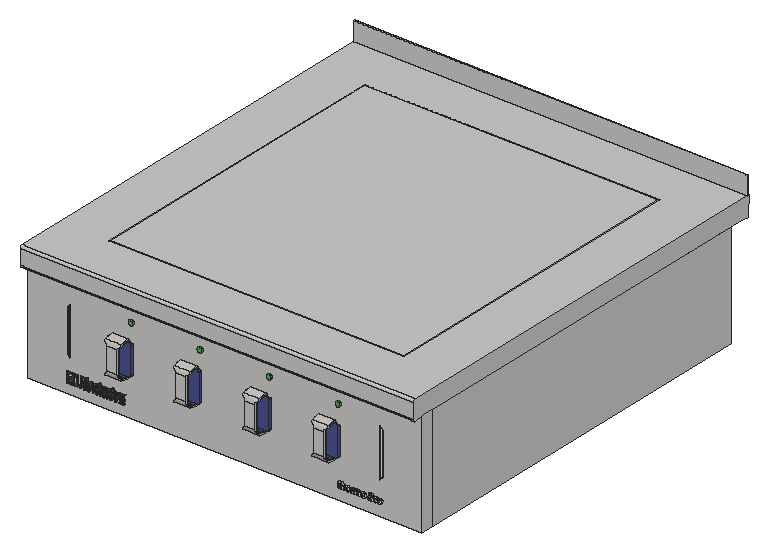
Revit family "QF_ELECTROLUXPROFESSIONAL_588506_MBCDBBHOAO", category Attrezzature speciali, Revit 2020
Family settings
  Quota connettore circolare = Usa diametro
  Tipo di parte = Normale
  Basato su piano di lavoro = No
  Sempre verticale = Sì
  Taglio con vuoti quando caricato = No
  Condiviso = No
  Punto di calcolo locali = No
Parameters (values of type "Standard")
  Weight = 40.00 kg
  Watts = 16000 W
  Volts = 400 V
  URL Manufacturer = "https://www.electroluxprofessional.com/"
  URL = "https://www.electroluxprofessional.com/"
  Steam Supply Size = 0"
  Steam Supply Minimum Pressure = 0.00 psi
  Steam Supply Maximum Pressure = 0.00 psi
  Steam Consumption per Hour = 0
  Refrigeration Suction Line Size = 0 mm
  Refrigeration Liquid Line Size = 0 mm
  Refrigerant Compressor Remote = yes
  Prospetto di default = 0 mm
  Phase = 3
  Modello = "MBCDBBHOAO"
  Produttore = "Electrolux Professional"
  Length Actual = 800 mm  # constant formula
  Item Number = "588506"
  Hot Water Size = 0"
  Height Actual = 250 mm  # constant formula
  HP = "21.5 HP"
  Gas Size = 0"
  Gas KW = 0
  Gas Input Pressure = 0.0 Btu/h
  Direct Waste Size = 0"
  Descrizione = "INFRARED TOP,4 ZONE,1S,BSPL,800X850X250H"
  Depth Actual = 850 mm  # constant formula
  Cycle = 50 Hz
  Condensate Return Size = 0"
  Compressed Air Volume = 0 GPM
  Compressed Air Size = 0"
  Compressed Air Pressure = 0.00 psi
  Cold Water Size = 0"
  Accessory = yes
Reference planes
  plane 1 "BACK": y = 0
  plane 2: z = 0
  plane 3 "LEFT": x = 0
  plane 4 "RIGHT": x = 800
  plane 5 "FRONT": y = -850
  plane 6 "TOP": z = 900
  plane 7 "Center (Left/Right)": x = 400
  plane 8: y = -425
  plane 9: y = -150
  plane 10: x = 100
  plane 11: x = 700
  plane 12: y = -100
  plane 13: y = -750
  plane 14 "EIx": x = 755
  plane 15 "EIy": y = -635
  plane 16: z = 938
  plane 17 "BaseTop": z = 650
  plane 18: y = -805
Forms (mm)
  Extrusion 1, solid, material "QF_Finishes_Stainless Steel"
    sketch origin (-178.969, -4572, 100) x (-1, 0, 0) y (0, -1, 0)
      loop
        line (-178.969, -4527) -> (-178.969, -3767) -> (-978.969, -3767) -> (-978.969, -4527) -> (-178.969, -4527)
    from 550 to 762.969
  Extrusion 2, solid, material "QF_Finishes_Stainless Steel"
    sketch origin (0, 0, 650) x (-1, 0, 0) y (0, -1, 0)
      loop
        circle (-755, 635) r 6.35
    from 0 to -11.851
  Extrusion 3, solid, material "QF_Finishes_Stainless Steel"
    sketch origin (400, 296.4, 1219.2) x (0, 1, 0) y (0, 0, 1)
      loop
        line (-296.4, -319.2) -> (-1141.4, -319.2)
        arc (-1141.4, -319.2) -> (-1144.935, -320.664) -> (-1146.4, -324.2) r 5
        line (-1146.4, -324.2) -> (-1146.4, -355.2)
        arc (-1146.4, -355.2) -> (-1144.971, -358.264) -> (-1141.705, -359.139) r 4
        line (-1141.705, -359.139) -> (-1126.4, -356.231) -> (-316.4, -356.231) -> (-301.094, -359.139)
        arc (-301.094, -359.139) -> (-297.829, -358.264) -> (-296.4, -355.2) r 4
        line (-296.4, -355.2) -> (-296.4, -319.2)
    from -400 to 400
  Extrusion 4, solid, material "QF_Finishes_Stainless Steel"
    sketch origin (0, 0, 900) x (-1, 0, 0) y (0, -1, 0)
      loop
        line (-102, 102) -> (-102, 748) -> (-698, 748) -> (-698, 102) -> (-102, 102)
    from 0 to -20
  Extrusion 5, void
    sketch origin (0, 0, 900) x (-1, 0, 0) y (0, -1, 0)
      loop
        line (-100, 750) -> (-700, 750) -> (-700, 100) -> (-100, 100) -> (-100, 750)
    from 0 to -25
  Extrusion 6, solid, material "QF_Finishes_Stainless Steel"
    sketch origin (400, 296.4, 1219.2) x (0, 1, 0) y (0, 0, 1)
      loop
        line (-296.4, -319.2) -> (-296.4, -281.2) -> (-298.4, -281.2) -> (-298.4, -319.2) -> (-296.4, -319.2)
    from 400 to -400
Cuts and joins
  Extrusion 5 cuts Extrusion 3
Lines and regions (mm)
  symbolic lines
    curve 1: line (0, 0, 100) -> (800, 0, 100)
    curve 2: line (0, -850, 100) -> (0, 0, 100)
    curve 3: line (800, -850, 100) -> (0, -850, 100)
    curve 4: line (800, 0, 100) -> (800, -850, 100)
    curve 5: line (100, -750, 0) -> (700, -750, 0)
    curve 6: line (700, -750, 0) -> (700, -100, 0)
    curve 7: line (700, -100, 0) -> (100, -100, 0)
    curve 8: line (100, -100, 0) -> (100, -750, 0)
    curve 9: line (0, -2, 0) -> (800, -2, 0)
  model lines
    curve 10: line (99.879, -133.089, 900) -> (121.092, -111.876, 900)
    curve 11: line (121.092, -111.876, 900) -> (678.908, -111.876, 900)
    curve 12: line (131.557, -136.465, 900) -> (112.022, -156, 900)
    curve 13: line (112.022, -156, 900) -> (112.022, -391, 900)
    curve 14: line (112.022, -391, 900) -> (131.394, -410.372, 900)
    curve 15: line (140.69, -354.325, 900) -> (168.974, -382.61, 900)
    curve 16: line (141.385, -328.405, 900) -> (195.888, -382.908, 900)
    curve 17: line (140.69, -300.864, 900) -> (222.007, -382.181, 900)
    curve 18: line (141.358, -274.411, 900) -> (250, -383.053, 900)
    curve 19: line (141.358, -274.411, 900) -> (250, -165.769, 900)
    curve 20: line (250, -354.189, 900) -> (168.683, -272.871, 900)
    curve 21: line (168.683, -272.871, 900) -> (250, -191.554, 900)
    curve 22: line (250, -328.795, 900) -> (195.497, -274.292, 900)
    curve 23: line (195.497, -274.292, 900) -> (250, -219.789, 900)
    curve 24: line (250, -301.584, 900) -> (221.716, -273.3, 900)
    curve 25: line (221.716, -273.3, 900) -> (250, -245.016, 900)
    curve 26: line (140.69, -194.259, 900) -> (168.974, -165.975, 900)
    curve 27: line (141.385, -220.18, 900) -> (195.888, -165.677, 900)
    curve 28: line (140.69, -247.72, 900) -> (222.007, -166.403, 900)
    curve 29: line (359.31, -354.325, 900) -> (331.026, -382.61, 900)
    curve 30: line (358.615, -328.405, 900) -> (304.112, -382.908, 900)
    curve 31: line (359.31, -300.864, 900) -> (277.993, -382.181, 900)
    curve 32: line (358.642, -274.411, 900) -> (250, -383.053, 900)
    curve 33: line (358.642, -274.411, 900) -> (250, -165.769, 900)
    curve 34: line (250, -354.189, 900) -> (331.317, -272.871, 900)
    curve 35: line (331.317, -272.871, 900) -> (250, -191.554, 900)
    curve 36: line (250, -328.795, 900) -> (304.503, -274.292, 900)
    curve 37: line (304.503, -274.292, 900) -> (250, -219.789, 900)
    curve 38: line (250, -301.584, 900) -> (278.284, -273.3, 900)
    curve 39: line (278.284, -273.3, 900) -> (250, -245.016, 900)
    curve 40: line (359.31, -194.259, 900) -> (331.026, -165.975, 900)
    curve 41: line (358.615, -220.18, 900) -> (304.112, -165.677, 900)
    curve 42: line (359.31, -247.72, 900) -> (277.993, -166.403, 900)
    curve 43: line (368.443, -136.465, 900) -> (387.978, -156, 900)
    curve 44: line (387.978, -156, 900) -> (387.978, -391, 900)
    curve 45: line (387.978, -391, 900) -> (368.606, -410.372, 900)
    curve 46: line (99.879, -716.911, 900) -> (121.092, -738.124, 900)
    curve 47: line (121.092, -738.124, 900) -> (678.908, -738.124, 900)
    curve 48: line (131.557, -713.535, 900) -> (112.022, -694, 900)
    curve 49: line (112.022, -694, 900) -> (112.022, -459, 900)
    curve 50: line (112.022, -459, 900) -> (131.394, -439.628, 900)
    curve 51: line (140.69, -495.675, 900) -> (168.974, -467.39, 900)
    curve 52: line (141.385, -521.595, 900) -> (195.888, -467.092, 900)
    curve 53: line (140.69, -549.136, 900) -> (222.007, -467.819, 900)
    curve 54: line (141.358, -575.589, 900) -> (250, -466.947, 900)
    curve 55: line (141.358, -575.589, 900) -> (250, -684.231, 900)
    curve 56: line (250, -495.811, 900) -> (168.683, -577.129, 900)
    curve 57: line (168.683, -577.129, 900) -> (250, -658.446, 900)
    curve 58: line (250, -521.205, 900) -> (195.497, -575.708, 900)
    curve 59: line (195.497, -575.708, 900) -> (250, -630.211, 900)
    curve 60: line (250, -548.416, 900) -> (221.716, -576.7, 900)
    curve 61: line (221.716, -576.7, 900) -> (250, -604.984, 900)
    curve 62: line (140.69, -655.741, 900) -> (168.974, -684.025, 900)
    curve 63: line (141.385, -629.82, 900) -> (195.888, -684.323, 900)
    curve 64: line (140.69, -602.28, 900) -> (222.007, -683.597, 900)
    curve 65: line (359.31, -495.675, 900) -> (331.026, -467.39, 900)
    curve 66: line (358.615, -521.595, 900) -> (304.112, -467.092, 900)
    curve 67: line (359.31, -549.136, 900) -> (277.993, -467.819, 900)
    curve 68: line (358.642, -575.589, 900) -> (250, -466.947, 900)
    curve 69: line (358.642, -575.589, 900) -> (250, -684.231, 900)
    curve 70: line (250, -495.811, 900) -> (331.317, -577.129, 900)
    curve 71: line (331.317, -577.129, 900) -> (250, -658.446, 900)
    curve 72: line (250, -521.205, 900) -> (304.503, -575.708, 900)
    curve 73: line (304.503, -575.708, 900) -> (250, -630.211, 900)
    curve 74: line (250, -548.416, 900) -> (278.284, -576.7, 900)
    curve 75: line (278.284, -576.7, 900) -> (250, -604.984, 900)
    curve 76: line (359.31, -655.741, 900) -> (331.026, -684.025, 900)
    curve 77: line (358.615, -629.82, 900) -> (304.112, -684.323, 900)
    curve 78: line (359.31, -602.28, 900) -> (277.993, -683.597, 900)
    curve 79: line (368.443, -713.535, 900) -> (387.978, -694, 900)
    curve 80: line (387.978, -694, 900) -> (387.978, -459, 900)
    curve 81: line (387.978, -459, 900) -> (368.606, -439.628, 900)
    curve 82: line (668.443, -136.465, 900) -> (687.978, -156, 900)
    curve 83: line (687.978, -156, 900) -> (687.978, -391, 900)
    curve 84: line (687.978, -391, 900) -> (668.606, -410.372, 900)
    curve 85: line (659.31, -354.325, 900) -> (631.026, -382.61, 900)
    curve 86: line (658.615, -328.405, 900) -> (604.112, -382.908, 900)
    curve 87: line (659.31, -300.864, 900) -> (577.993, -382.181, 900)
    curve 88: line (658.642, -274.411, 900) -> (550, -383.053, 900)
    curve 89: line (658.642, -274.411, 900) -> (550, -165.769, 900)
    curve 90: line (550, -354.189, 900) -> (631.317, -272.871, 900)
    curve 91: line (631.317, -272.871, 900) -> (550, -191.554, 900)
    curve 92: line (550, -328.795, 900) -> (604.503, -274.292, 900)
    curve 93: line (604.503, -274.292, 900) -> (550, -219.789, 900)
    curve 94: line (550, -301.584, 900) -> (578.284, -273.3, 900)
    curve 95: line (578.284, -273.3, 900) -> (550, -245.016, 900)
    curve 96: line (659.31, -194.259, 900) -> (631.026, -165.975, 900)
    curve 97: line (658.615, -220.18, 900) -> (604.112, -165.677, 900)
    curve 98: line (659.31, -247.72, 900) -> (577.993, -166.403, 900)
    curve 99: line (440.69, -354.325, 900) -> (468.974, -382.61, 900)
    curve 100: line (441.385, -328.405, 900) -> (495.888, -382.908, 900)
    curve 101: line (440.69, -300.864, 900) -> (522.007, -382.181, 900)
    curve 102: line (441.358, -274.411, 900) -> (550, -383.053, 900)
    curve 103: line (441.358, -274.411, 900) -> (550, -165.769, 900)
    curve 104: line (550, -354.189, 900) -> (468.683, -272.871, 900)
    curve 105: line (468.683, -272.871, 900) -> (550, -191.554, 900)
    curve 106: line (550, -328.795, 900) -> (495.497, -274.292, 900)
    curve 107: line (495.497, -274.292, 900) -> (550, -219.789, 900)
    curve 108: line (550, -301.584, 900) -> (521.716, -273.3, 900)
    curve 109: line (521.716, -273.3, 900) -> (550, -245.016, 900)
    curve 110: line (440.69, -194.259, 900) -> (468.974, -165.975, 900)
    curve 111: line (441.385, -220.18, 900) -> (495.888, -165.677, 900)
    curve 112: line (440.69, -247.72, 900) -> (522.007, -166.403, 900)
    curve 113: line (431.557, -136.465, 900) -> (412.022, -156, 900)
    curve 114: line (412.022, -156, 900) -> (412.022, -391, 900)
    curve 115: line (412.022, -391, 900) -> (431.394, -410.372, 900)
    curve 116: line (668.443, -713.535, 900) -> (687.978, -694, 900)
    curve 117: line (687.978, -694, 900) -> (687.978, -459, 900)
    curve 118: line (687.978, -459, 900) -> (668.606, -439.628, 900)
    curve 119: line (659.31, -495.675, 900) -> (631.026, -467.39, 900)
    curve 120: line (658.615, -521.595, 900) -> (604.112, -467.092, 900)
    curve 121: line (659.31, -549.136, 900) -> (577.993, -467.819, 900)
    curve 122: line (658.642, -575.589, 900) -> (550, -466.947, 900)
    curve 123: line (658.642, -575.589, 900) -> (550, -684.231, 900)
    curve 124: line (550, -495.811, 900) -> (631.317, -577.129, 900)
    curve 125: line (631.317, -577.129, 900) -> (550, -658.446, 900)
    curve 126: line (550, -521.205, 900) -> (604.503, -575.708, 900)
    curve 127: line (604.503, -575.708, 900) -> (550, -630.211, 900)
    curve 128: line (550, -548.416, 900) -> (578.284, -576.7, 900)
    curve 129: line (578.284, -576.7, 900) -> (550, -604.984, 900)
    curve 130: line (659.31, -655.741, 900) -> (631.026, -684.025, 900)
    curve 131: line (658.615, -629.82, 900) -> (604.112, -684.323, 900)
    curve 132: line (659.31, -602.28, 900) -> (577.993, -683.597, 900)
    curve 133: line (440.69, -495.675, 900) -> (468.974, -467.39, 900)
    curve 134: line (441.385, -521.595, 900) -> (495.888, -467.092, 900)
    curve 135: line (440.69, -549.136, 900) -> (522.007, -467.819, 900)
    curve 136: line (441.358, -575.589, 900) -> (550, -466.947, 900)
    curve 137: line (441.358, -575.589, 900) -> (550, -684.231, 900)
    curve 138: line (550, -495.811, 900) -> (468.683, -577.129, 900)
    curve 139: line (468.683, -577.129, 900) -> (550, -658.446, 900)
    curve 140: line (550, -521.205, 900) -> (495.497, -575.708, 900)
    curve 141: line (495.497, -575.708, 900) -> (550, -630.211, 900)
    curve 142: line (550, -548.416, 900) -> (521.716, -576.7, 900)
    curve 143: line (521.716, -576.7, 900) -> (550, -604.984, 900)
    curve 144: line (440.69, -655.741, 900) -> (468.974, -684.025, 900)
    curve 145: line (441.385, -629.82, 900) -> (495.888, -684.323, 900)
    curve 146: line (440.69, -602.28, 900) -> (522.007, -683.597, 900)
    curve 147: line (431.557, -713.535, 900) -> (412.022, -694, 900)
    curve 148: line (412.022, -694, 900) -> (412.022, -459, 900)
    curve 149: line (412.022, -459, 900) -> (431.394, -439.628, 900)
    curve 150: line (700.121, -133.089, 900) -> (678.908, -111.876, 900)
    curve 151: line (700.121, -716.911, 900) -> (678.908, -738.124, 900)
Dimensions and locks
  plane 3 "LEFT" to plane 4 "RIGHT" = 800 mm
  locked: plane 5 "FRONT" to plane 1 "BACK" at 850
  plane 3 "LEFT" to plane 7 "Center (Left/Right)" to plane 4 "RIGHT" = 400 mm, 400 mm
  equal spacing: plane 5 "FRONT", plane 8, plane 1 "BACK"
  plane 6 "TOP" to level = 900 mm  (x2)
  plane 1 "BACK" to plane 9 = 150 mm
  plane 1 "BACK" to Extrusion 2 = 635 mm
  locked: plane 14 "EIx" to plane 4 "RIGHT" at 45
  locked: plane 15 "EIy" to plane 1 "BACK" at 635
  plane 16 to plane 6 "TOP" = 38 mm
  locked: plane 12 to plane 1 "BACK" at 100
  locked: plane 5 "FRONT" to plane 13 at 100
  plane 3 "LEFT" to plane 10 = 100 mm
  plane 11 to plane 4 "RIGHT" = 100 mm
  locked: plane 6 "TOP" to plane 17 "BaseTop" at 250
  locked: plane 18 to plane 5 "FRONT" at 45
  aligned and locked: level to plane 2
  aligned and locked: cut or joined group of Extrusion 3, Extrusion 5 to plane 3 "LEFT"
  aligned and locked: cut or joined group of Extrusion 3, Extrusion 5 to plane 4 "RIGHT"
  aligned and locked: Extrusion 5 sketch curve to plane 10
  aligned and locked: plane 12 to Extrusion 5 sketch curve
  aligned and locked: plane 11 to Extrusion 5 sketch curve
  aligned and locked: Extrusion 5 sketch curve to plane 13
  aligned and locked: nested 1 to plane 18
  aligned and locked: Extrusion 1 to plane 18
  aligned and locked: Extrusion 6 to plane 3 "LEFT"
  aligned and locked: Extrusion 6 to plane 4 "RIGHT"
  aligned and locked: plane 3 "LEFT" to nested 1
Automatic sketch dimensions
  Extrusion 2 sketch curve to plane 14 "EIx" = 0 mm
  Extrusion 2 sketch curve to plane 15 "EIy" = 0 mm
  Extrusion 6 sketch curve to plane 6 "TOP" = 0 mm
  Extrusion 6 sketch curve to plane 16 = 0 mm
  Extrusion 6 sketch curve to plane 1 "BACK" = 0 mm
  Extrusion 6 sketch curve to Extrusion 6 sketch curve = 2 mm
  plane 11 to Extrusion 4 sketch curve = 2 mm
  Extrusion 4 sketch curve to plane 13 = 2 mm
  Extrusion 4 sketch curve to plane 10 = 2 mm
  plane 9 to Extrusion 4 sketch curve = 48 mm
  Extrusion 3 sketch curve to plane 5 "FRONT" = 0 mm
  Extrusion 3 sketch curve to plane 6 "TOP" = 0 mm
  Extrusion 3 sketch curve to plane 1 "BACK" = 0 mm
  Extrusion 3 sketch curve to Extrusion 3 sketch curve = 4 mm
  Extrusion 3 sketch curve to Extrusion 3 sketch curve = 0.695 mm
  Extrusion 3 sketch curve to plane 5 "FRONT" = 5 mm
  Extrusion 3 sketch curve to Extrusion 3 sketch curve = 15.305 mm
  plane 1 "BACK" to Extrusion 3 sketch curve = 20 mm
  plane 1 "BACK" to Extrusion 3 sketch curve = 4.695 mm
  plane 1 "BACK" to Extrusion 3 sketch curve = 4 mm
  Extrusion 3 sketch curve to Extrusion 3 sketch curve = 31 mm
  Extrusion 3 sketch curve to Extrusion 3 sketch curve = 36 mm
  Extrusion 3 sketch curve to Extrusion 3 sketch curve = 2.909 mm
  Extrusion 1 sketch curve to plane 4 "RIGHT" = 0 mm
  Extrusion 1 sketch curve to plane 3 "LEFT" = 0 mm
  Extrusion 1 sketch curve to plane 18 = 0 mm
  plane 1 "BACK" to Extrusion 1 sketch curve = 45 mm
  plane 1 "BACK" to curve 1 = 0 mm
  curve 1 to plane 4 "RIGHT" = 0 mm
  curve 3 to plane 3 "LEFT" = 0 mm
  plane 5 "FRONT" to curve 3 = 0 mm
  plane 11 to curve 83 = 12.022 mm
  plane 11 to curve 116 = 12.022 mm
  plane 11 to curve 88 = 41.358 mm
  plane 11 to curve 123 = 41.358 mm
  curve 122 to curve 124 = 27.325 mm
  curve 88 to curve 90 = 27.325 mm
  curve 90 to curve 92 = 26.814 mm
  curve 124 to curve 127 = 26.814 mm
  curve 92 to curve 94 = 26.219 mm
  curve 126 to curve 128 = 26.219 mm
  curve 123 to plane 15 "EIy" = 49.231 mm
  curve 128 to curve 123 = 28.284 mm
  plane 15 "EIy" to curve 128 = 86.584 mm
  curve 128 to curve 128 = 28.284 mm
  curve 122 to plane 8 = 41.947 mm
  plane 15 "EIy" to curve 129 = 30.016 mm
  curve 124 to curve 122 = 0 mm
  plane 15 "EIy" to curve 127 = 4.789 mm
  curve 127 to curve 129 = 0 mm
  curve 94 to curve 92 = 28.284 mm
  curve 91 to plane 9 = 41.554 mm
  curve 94 to curve 91 = 28.284 mm
  curve 126 to plane 8 = 96.205 mm
  curve 107 to plane 9 = 69.789 mm
  curve 107 to curve 91 = 0 mm
  curve 89 to plane 9 = 15.769 mm
  curve 89 to curve 91 = 0 mm
  curve 94 to curve 92 = 0 mm
  plane 8 to curve 88 = 41.947 mm
  curve 95 to curve 93 = 0 mm
  curve 139 to plane 15 "EIy" = 23.446 mm
  curve 139 to curve 123 = 0 mm
  plane 8 to curve 90 = 70.811 mm
  plane 7 "Center (Left/Right)" to curve 148 = 12.022 mm
  plane 7 "Center (Left/Right)" to curve 114 = 12.022 mm
  curve 80 to plane 7 "Center (Left/Right)" = 12.022 mm
  curve 44 to plane 7 "Center (Left/Right)" = 12.022 mm
  curve 33 to plane 7 "Center (Left/Right)" = 41.358 mm
  curve 69 to plane 7 "Center (Left/Right)" = 41.358 mm
  curve 32 to curve 35 = 27.325 mm
  curve 68 to curve 71 = 27.325 mm
  curve 34 to curve 37 = 26.814 mm
  curve 70 to curve 73 = 26.814 mm
  curve 72 to curve 75 = 26.219 mm
  curve 36 to curve 38 = 26.219 mm
  curve 56 to plane 8 = 70.811 mm
  curve 74 to curve 56 = 28.284 mm
  curve 55 to plane 15 "EIy" = 49.231 mm
  curve 74 to curve 55 = 28.284 mm
  curve 57 to plane 15 "EIy" = 23.446 mm
  curve 54 to plane 8 = 41.947 mm
  curve 58 to curve 56 = 0 mm
  curve 38 to curve 25 = 28.284 mm
  plane 15 "EIy" to curve 59 = 4.789 mm
  curve 59 to curve 57 = 0 mm
  plane 8 to curve 32 = 41.947 mm
  curve 32 to curve 54 = 0 mm
  curve 33 to plane 9 = 15.769 mm
  plane 8 to curve 34 = 70.811 mm
  curve 34 to curve 18 = 0 mm
  curve 35 to plane 9 = 41.554 mm
  plane 8 to curve 36 = 96.205 mm
  curve 36 to curve 20 = 0 mm
  plane 15 "EIy" to curve 60 = 86.584 mm
  curve 60 to curve 58 = 0 mm
  curve 24 to curve 22 = 0 mm
  curve 23 to plane 9 = 69.789 mm
  plane 15 "EIy" to curve 61 = 30.016 mm
  curve 47 to plane 10 = 21.092 mm
  curve 11 to plane 10 = 21.092 mm
  curve 49 to plane 10 = 12.022 mm
  curve 14 to plane 10 = 12.022 mm
  curve 82 to plane 9 = 6 mm
  curve 113 to plane 9 = 6 mm
  curve 12 to plane 9 = 6 mm
  curve 44 to plane 9 = 6 mm
  curve 93 to curve 109 = 25.226 mm
  curve 23 to curve 39 = 25.226 mm
  curve 95 to curve 90 = 27.856 mm
  curve 25 to curve 35 = 27.856 mm
  curve 95 to curve 95 = 28.284 mm
  curve 25 to curve 24 = 28.284 mm
  curve 108 to curve 107 = 0.992 mm
  curve 38 to curve 36 = 0.992 mm
  curve 90 to curve 89 = 1.54 mm
  curve 34 to curve 33 = 1.54 mm
  plane 8 to curve 83 = 34 mm
  plane 8 to curve 114 = 34 mm
  plane 8 to curve 14 = 34 mm
  curve 44 to curve 114 = 0 mm
  curve 149 to plane 8 = 34 mm
  curve 50 to plane 8 = 34 mm
  curve 80 to curve 148 = 0 mm
  curve 117 to plane 8 = 34 mm
  plane 15 "EIy" to curve 122 = 59.411 mm
  plane 15 "EIy" to curve 55 = 59.411 mm
  plane 15 "EIy" to curve 58 = 59.292 mm
  plane 15 "EIy" to curve 126 = 59.292 mm
  curve 72 to curve 75 = 0.992 mm
  curve 126 to curve 129 = 0.992 mm
  curve 72 to curve 70 = 1.421 mm
  curve 126 to curve 124 = 1.421 mm
  curve 117 to plane 13 = 56 mm
  curve 49 to plane 13 = 56 mm
  curve 147 to plane 13 = 56 mm
  curve 79 to curve 147 = 0 mm
  curve 150 to plane 11 = 0.121 mm
  curve 151 to plane 11 = 0.121 mm
  plane 12 to curve 150 = 11.876 mm
  plane 11 to curve 150 = 21.092 mm
  curve 151 to plane 13 = 11.876 mm
  plane 11 to curve 151 = 21.092 mm
  curve 117 to curve 118 = 19.372 mm
  plane 8 to curve 84 = 14.628 mm
  curve 83 to curve 84 = 19.372 mm
  plane 9 to curve 82 = 13.535 mm
  curve 82 to curve 82 = 19.535 mm
  curve 116 to curve 116 = 19.535 mm  (x2)
  curve 98 to curve 88 = 0.667 mm
  curve 121 to curve 122 = 0.667 mm
  curve 132 to curve 122 = 0.667 mm
  plane 11 to curve 96 = 40.69 mm
  plane 11 to curve 130 = 40.69 mm
  curve 87 to curve 88 = 0.667 mm
  plane 11 to curve 85 = 40.69 mm
  plane 11 to curve 119 = 40.69 mm
  curve 85 to curve 86 = 0.694 mm
  plane 15 "EIy" to curve 131 = 5.18 mm
  curve 130 to curve 131 = 0.694 mm
  curve 119 to curve 120 = 0.694 mm
  curve 96 to curve 97 = 0.694 mm
  curve 96 to plane 9 = 15.975 mm
  curve 96 to curve 96 = 28.284 mm  (x2)
  curve 130 to curve 130 = 28.284 mm  (x2)
  curve 85 to curve 85 = 28.284 mm
  curve 119 to curve 119 = 28.284 mm  (x2)
  curve 120 to plane 8 = 42.092 mm
  curve 119 to curve 120 = 26.913 mm
  curve 130 to curve 131 = 26.913 mm
  plane 8 to curve 86 = 42.092 mm
  curve 85 to curve 86 = 26.913 mm
  curve 97 to plane 9 = 15.677 mm
  curve 96 to curve 97 = 26.913 mm
  curve 98 to plane 9 = 16.403 mm
  curve 97 to curve 98 = 26.12 mm
  plane 8 to curve 87 = 42.819 mm
  curve 86 to curve 87 = 26.12 mm
  curve 132 to plane 15 "EIy" = 48.597 mm
  curve 131 to curve 132 = 26.12 mm
  curve 121 to plane 8 = 42.819 mm
  curve 120 to curve 121 = 26.12 mm
  curve 146 to plane 15 "EIy" = 48.597 mm
  curve 123 to curve 146 = 27.993 mm
  curve 135 to plane 8 = 42.819 mm
  curve 122 to curve 135 = 27.993 mm
  plane 8 to curve 101 = 42.819 mm
  curve 88 to curve 101 = 27.993 mm
  curve 112 to plane 9 = 16.403 mm
  curve 89 to curve 112 = 27.993 mm
  curve 134 to plane 8 = 42.092 mm
  curve 135 to curve 134 = 26.12 mm
  plane 8 to curve 100 = 42.092 mm
  curve 101 to curve 100 = 26.12 mm
  curve 111 to plane 9 = 15.677 mm
  curve 112 to curve 111 = 26.12 mm
  curve 146 to curve 145 = 26.12 mm
  curve 100 to curve 99 = 26.913 mm
  curve 134 to curve 133 = 26.913 mm
  curve 110 to plane 9 = 15.975 mm
  curve 111 to curve 110 = 26.913 mm
  curve 145 to curve 144 = 26.913 mm
  plane 7 "Center (Left/Right)" to curve 134 = 41.385 mm
  plane 7 "Center (Left/Right)" to curve 111 = 41.385 mm
  plane 7 "Center (Left/Right)" to curve 100 = 41.385 mm
  plane 15 "EIy" to curve 145 = 5.18 mm
  plane 7 "Center (Left/Right)" to curve 145 = 41.385 mm
  curve 136 to curve 146 = 0.667 mm
  curve 102 to curve 101 = 0.667 mm
  curve 100 to curve 99 = 0.694 mm
  curve 134 to curve 133 = 0.694 mm
  curve 145 to curve 144 = 0.694 mm
  curve 136 to curve 135 = 0.667 mm
  curve 102 to curve 112 = 0.667 mm
  curve 111 to curve 110 = 0.694 mm
  plane 9 to curve 113 = 13.535 mm
  curve 113 to curve 113 = 19.535 mm
  curve 147 to curve 147 = 19.535 mm  (x2)
  plane 8 to curve 115 = 14.628 mm
  curve 115 to curve 114 = 19.372 mm
  curve 149 to curve 148 = 19.372 mm
  curve 80 to curve 81 = 19.372 mm
  plane 8 to curve 45 = 14.628 mm
  curve 44 to curve 45 = 19.372 mm
  plane 9 to curve 43 = 13.535 mm
  curve 43 to curve 43 = 19.535 mm
  curve 79 to curve 79 = 19.535 mm  (x2)
  curve 31 to curve 32 = 0.667 mm
  curve 42 to curve 32 = 0.667 mm
  curve 78 to curve 68 = 0.667 mm
  curve 29 to plane 7 "Center (Left/Right)" = 40.69 mm
  curve 40 to plane 7 "Center (Left/Right)" = 40.69 mm
  curve 76 to plane 7 "Center (Left/Right)" = 40.69 mm
  curve 65 to plane 7 "Center (Left/Right)" = 40.69 mm
  curve 67 to curve 68 = 0.667 mm
  plane 15 "EIy" to curve 77 = 5.18 mm
  curve 76 to curve 77 = 0.694 mm
  curve 29 to curve 30 = 0.694 mm
  curve 65 to curve 66 = 0.694 mm
  curve 40 to curve 41 = 0.694 mm
  curve 65 to curve 65 = 28.284 mm  (x2)
  curve 40 to plane 9 = 15.975 mm
  curve 40 to curve 40 = 28.284 mm  (x2)
  curve 29 to curve 29 = 28.284 mm
  curve 76 to curve 76 = 28.284 mm  (x2)
  curve 76 to curve 77 = 26.913 mm
  curve 66 to plane 8 = 42.092 mm
  curve 65 to curve 66 = 26.913 mm
  plane 8 to curve 30 = 42.092 mm
  curve 29 to curve 30 = 26.913 mm
  curve 41 to plane 9 = 15.677 mm
  curve 40 to curve 41 = 26.913 mm
  curve 42 to plane 9 = 16.403 mm
  curve 41 to curve 42 = 26.12 mm
  plane 8 to curve 31 = 42.819 mm
  curve 30 to curve 31 = 26.12 mm
  curve 67 to plane 8 = 42.819 mm
  curve 66 to curve 67 = 26.12 mm
  curve 78 to plane 15 "EIy" = 48.597 mm
  curve 77 to curve 78 = 26.12 mm
  curve 64 to plane 15 "EIy" = 48.597 mm
  curve 55 to curve 64 = 27.993 mm
  plane 8 to curve 17 = 42.819 mm
  curve 18 to curve 17 = 27.993 mm
  curve 28 to plane 9 = 16.403 mm
  curve 19 to curve 28 = 27.993 mm
  curve 53 to plane 8 = 42.819 mm
  curve 54 to curve 53 = 27.993 mm
  plane 8 to curve 16 = 42.092 mm
  curve 17 to curve 16 = 26.12 mm
  curve 64 to curve 63 = 26.12 mm
  curve 52 to plane 8 = 42.092 mm
  curve 53 to curve 52 = 26.12 mm
  curve 27 to plane 9 = 15.677 mm
  curve 28 to curve 27 = 26.12 mm
  curve 26 to plane 9 = 15.975 mm
  curve 27 to curve 26 = 26.913 mm
  curve 63 to curve 62 = 26.913 mm
  curve 52 to curve 51 = 26.913 mm
  curve 16 to curve 15 = 26.913 mm
  curve 16 to plane 10 = 41.385 mm
  plane 15 "EIy" to curve 63 = 5.18 mm
  curve 63 to plane 10 = 41.385 mm
  curve 27 to plane 10 = 41.385 mm
  curve 52 to plane 10 = 41.385 mm
  curve 54 to curve 64 = 0.667 mm
  curve 63 to curve 62 = 0.694 mm
  curve 16 to curve 15 = 0.694 mm
  curve 54 to curve 53 = 0.667 mm
  curve 27 to curve 26 = 0.694 mm
  curve 18 to curve 28 = 0.667 mm
  curve 52 to curve 51 = 0.694 mm
  curve 18 to curve 17 = 0.667 mm
  plane 9 to curve 12 = 13.535 mm
  curve 12 to curve 12 = 19.535 mm
  curve 48 to curve 48 = 19.535 mm  (x2)
  plane 8 to curve 14 = 14.628 mm
  curve 14 to curve 13 = 19.372 mm
  curve 50 to curve 49 = 19.372 mm
  plane 10 to curve 46 = 0.121 mm
  plane 10 to curve 10 = 0.121 mm
  plane 9 to curve 150 = 16.911 mm
  plane 9 to curve 10 = 16.911 mm
  curve 110 to curve 110 = 28.284 mm
  curve 26 to curve 26 = 28.284 mm
  curve 110 to curve 111 = 25.921 mm
  curve 96 to curve 97 = 25.921 mm
  curve 26 to curve 27 = 25.921 mm
  curve 40 to curve 41 = 25.921 mm
  curve 98 to curve 88 = 26.691 mm
  curve 28 to curve 18 = 26.691 mm
  curve 112 to curve 102 = 26.691 mm
  curve 42 to curve 32 = 26.691 mm
  curve 18 to curve 17 = 26.453 mm
  curve 32 to curve 31 = 26.453 mm
  curve 88 to curve 87 = 26.453 mm
  curve 102 to curve 101 = 26.453 mm
  curve 101 to curve 100 = 27.541 mm
  curve 87 to curve 86 = 27.541 mm
  curve 17 to curve 16 = 27.541 mm
  curve 31 to curve 30 = 27.541 mm
  curve 100 to curve 99 = 25.921 mm
  curve 30 to curve 29 = 25.921 mm
  curve 16 to curve 15 = 25.921 mm
  curve 86 to curve 85 = 25.921 mm
  curve 15 to curve 16 = 0.298 mm
  curve 29 to curve 30 = 0.298 mm
  curve 85 to curve 86 = 0.298 mm
  curve 99 to curve 100 = 0.298 mm
  curve 81 to plane 8 = 14.628 mm
  curve 118 to plane 8 = 14.628 mm
  curve 50 to plane 8 = 14.628 mm
  curve 149 to plane 8 = 14.628 mm
  curve 134 to curve 133 = 0.298 mm
  curve 52 to curve 51 = 0.298 mm
  curve 66 to curve 65 = 0.298 mm
  curve 120 to curve 119 = 0.298 mm
  curve 133 to curve 133 = 28.284 mm
  curve 51 to curve 51 = 28.284 mm
  curve 133 to curve 134 = 25.921 mm
  curve 65 to curve 66 = 25.921 mm
  curve 119 to curve 120 = 25.921 mm
  curve 51 to curve 52 = 25.921 mm
  curve 135 to curve 136 = 26.453 mm
  curve 121 to curve 122 = 26.453 mm
  curve 67 to curve 68 = 26.453 mm
  curve 53 to curve 54 = 26.453 mm
  curve 68 to curve 78 = 26.691 mm
  curve 122 to curve 132 = 26.691 mm
  curve 54 to curve 64 = 26.691 mm
  curve 136 to curve 146 = 26.691 mm
  curve 77 to curve 76 = 25.921 mm
  curve 131 to curve 130 = 25.921 mm
  curve 63 to curve 62 = 25.921 mm
  curve 145 to curve 144 = 25.921 mm
  curve 62 to curve 62 = 28.284 mm
  curve 144 to curve 144 = 28.284 mm
  curve 78 to curve 77 = 0.727 mm
  curve 132 to curve 131 = 0.727 mm
  curve 64 to curve 63 = 0.727 mm
  curve 146 to curve 145 = 0.727 mm
  curve 151 to plane 13 = 33.089 mm
  curve 46 to plane 13 = 33.089 mm
  curve 9 to plane 3 "LEFT" = 0 mm
  curve 5 to plane 10 = 0 mm
  curve 5 to plane 11 = 0 mm
  curve 9 to plane 4 "RIGHT" = 0 mm
  plane 13 to curve 5 = 0 mm
  plane 12 to curve 6 = 0 mm
  plane 1 "BACK" to curve 9 = 2 mm
  radius of Extrusion 2 sketch curve = 6.35 mm
Nested families
  nested 1: "Front_Panel_W800_4 Knobs_Spie" at (202.376, -805, 0), type "Front_Panel_W800_4 Knobs_Spie"
Connectors
  electrical at (755, -635, 638.149)
    settings: on Extrusion 2, index 1, voltage 400 V, apparent load 33000 VA, apparent load phase1 0 VA, apparent load phase2 0 VA, apparent load phase3 0 VA, power factor 1, load classification "Other", number of poles 1, system type 30, power factor state 1, is connector primary yes, connector utility no, sub classification motor no, connector description "ELECTRICAL CONNECTION"
Definition of nested family "Front_Panel_W800_4 Knobs_Spie"
  Parameters
    Default Elevation = 0 mm
  Reference planes
    plane 1 "Center (Front/Back)": y = 0
    plane 2: z = 0
    plane 3 "Center (Left/Right)": x = 197.624
    plane 4 "Left": x = -202.376
    plane 5 "Right": x = 597.624
    plane 6: y = -45
    plane 7: x = -12.376
    plane 8: x = 127.624
    plane 9 "Panel": y = -25
    plane 10: x = 517.624
    plane 11: x = -122.376
  Forms (mm)
    Extrusion 1, solid
      sketch origin (833.217, 829.203, -1.25) x (0, 1, 0) y (0, 0, 1)
        loop
          line (-854.203, 651.25) -> (-829.203, 651.25) -> (-829.203, 864.25) -> (-854.203, 864.25) -> (-854.203, 651.25)
      from -1035.593 to -235.593
    Extrusion 2, void
      sketch origin (0, -25, -10) x (0, 0, 1) y (-1, 0, 0)
        loop
          line (731.866, 122.376) -> (726.866, 117.376) -> (823.866, 117.376) -> (818.866, 122.376) -> (731.866, 122.376)
        loop
          line (731.866, -517.624) -> (818.866, -517.624) -> (823.866, -512.624) -> (726.866, -512.624) -> (731.866, -517.624)
      from 0 to -2
    Extrusion 3, solid
      sketch origin (20, -25, 1.163) x (0, 0, 1) y (-1, 0, 0)
        loop
          circle (824.337, 12.376) r 5
      from 0 to 1.7
    Extrusion 4, solid
      sketch origin (160, -25, 1.163) x (0, 0, 1) y (-1, 0, 0)
        loop
          circle (824.337, 12.376) r 5
      from 0 to 1.7
    Extrusion 5, solid
      sketch origin (300.724, -25, 1.163) x (0, 0, 1) y (-1, 0, 0)
        loop
          circle (824.337, 12.376) r 5
      from 0 to 1.7
    Extrusion 6, solid
      sketch origin (440.724, -25, 1.163) x (0, 0, 1) y (-1, 0, 0)
        loop
          circle (824.337, 12.376) r 5
      from 0 to 1.7
    Extrusion 7, solid
      sketch origin (0, -25, -10) x (0, 0, 1) y (-1, 0, 0)
        loop
          line (731.866, 122.376) -> (726.866, 117.376) -> (823.866, 117.376) -> (818.866, 122.376) -> (731.866, 122.376)
        loop
          line (726.866, -512.624) -> (731.866, -517.624) -> (818.866, -517.624) -> (823.866, -512.624) -> (726.866, -512.624)
      from 0 to -2
  Cuts and joins
    Extrusion 2 cuts Extrusion 1
  Dimensions and locks
    equal spacing: plane 5 "Right", plane 3 "Center (Left/Right)", plane 4 "Left"
    plane 5 "Right" to plane 4 "Left" = 800 mm
    plane 3 "Center (Left/Right)" to plane 7 = 210 mm
    plane 3 "Center (Left/Right)" to plane 8 = 70 mm
    aligned and locked: cut or joined group of Extrusion 1, Extrusion 2 to plane 4 "Left"
    aligned and locked: plane 5 "Right" to cut or joined group of Extrusion 1, Extrusion 2
  Automatic sketch dimensions
    Extrusion 1 sketch curve to plane 9 "Panel" = 0 mm
    Extrusion 1 sketch curve to plane 1 "Center (Front/Back)" = 0 mm
    Extrusion 2 sketch curve to plane 11 = 0 mm
    Extrusion 2 sketch curve to plane 10 = 0 mm
    Extrusion 2 sketch curve to plane 10 = 5 mm
    plane 11 to Extrusion 2 sketch curve = 5 mm
    Extrusion 2 sketch curve to Extrusion 2 sketch curve = 5 mm  (x4)
    plane 7 to Extrusion 3 sketch curve = 20 mm
    plane 8 to Extrusion 4 sketch curve = 20 mm
    plane 3 "Center (Left/Right)" to Extrusion 5 sketch curve = 90.724 mm
    Extrusion 6 sketch curve to plane 10 = 89.276 mm
    Extrusion 7 sketch curve to plane 11 = 0 mm
    Extrusion 7 sketch curve to plane 10 = 0 mm
    plane 11 to Extrusion 7 sketch curve = 5 mm
    Extrusion 7 sketch curve to Extrusion 7 sketch curve = 5 mm  (x4)
    Extrusion 7 sketch curve to plane 10 = 5 mm
    level to Extrusion 1 sketch curve = 650 mm
    Extrusion 1 sketch curve to Extrusion 1 sketch curve = 213 mm
    level to Extrusion 2 sketch curve = 716.866 mm
    Extrusion 2 sketch curve to Extrusion 2 sketch curve = 0 mm
    Extrusion 2 sketch curve to Extrusion 2 sketch curve = 87 mm  (x2)
    level to Extrusion 3 sketch curve = 825.5 mm
    level to Extrusion 4 sketch curve = 825.5 mm
    level to Extrusion 5 sketch curve = 825.5 mm
    level to Extrusion 6 sketch curve = 825.5 mm
    level to Extrusion 7 sketch curve = 716.866 mm
    Extrusion 7 sketch curve to Extrusion 7 sketch curve = 0 mm
    Extrusion 7 sketch curve to Extrusion 7 sketch curve = 87 mm  (x2)
    radius of Extrusion 3 sketch curve = 5 mm
    radius of Extrusion 4 sketch curve = 5 mm
    radius of Extrusion 5 sketch curve = 5 mm
    radius of Extrusion 6 sketch curve = 5 mm
  Nested families
    nested 1: "Range Control Handle" at (-12.376, -28.137, -209.113) x (-1, 0, 0) z (0, 0, 1), type "Range Control Handle"
    nested 2: "Range Control Handle" at (127.624, -28.137, -209.113) x (-1, 0, 0) z (0, 0, 1), type "Range Control Handle"
    nested 3: "Range Control Handle" at (407.624, -28.137, -209.113), type "Range Control Handle"
    nested 4: "Range Control Handle" at (267.624, -28.137, -209.113), type "Range Control Handle"
    nested 5: "ELX_ThermaLine_Small" at (468.838, -25, 679.426) x (1, 0, 0) z (0, -1, 0), type "ELX_ThermaLine_Small"
      with Show Logo yes, Material_Logo none
    nested 6: "ELX_Professional_Logo_Small" at (-62.89, -25, 681.659) x (1, 0, 0) z (0, -1, 0), type "ELX_Professional_Logo_Small"
      with Show Logo yes, Material_Logo none
  Definition of nested family "Range Control Handle"
    Parameters
      Default Elevation = 0 mm
    Reference planes
      plane 1 "Center (Front/Back)": y = 0
      plane 2: z = 0
      plane 3 "Center (Left/Right)": x = 0
      plane 4: z = 971.092
      plane 5: y = -16.9
    Forms (mm)
      Extrusion 1, solid
        sketch origin (-746.28, 380.497, 208.931) x (-1, 0, 0) y (0, 0, 1)
          loop
            line (-770.101, 786.798) -> (-770.101, 731.649)
            arc (-770.101, 731.649) -> (-769.759, 730.563) -> (-768.855, 729.87) r 1.893
            line (-768.855, 729.87) -> (-763.474, 727.911) -> (-729.81, 727.911) -> (-724.428, 729.87)
            arc (-724.428, 729.87) -> (-723.525, 730.563) -> (-723.183, 731.649) r 1.893
            line (-723.183, 731.649) -> (-723.183, 786.798)
            arc (-723.183, 786.798) -> (-723.529, 787.894) -> (-724.44, 788.593) r 1.91
            line (-724.44, 788.593) -> (-729.683, 790.819) -> (-763.601, 790.819) -> (-768.844, 788.593)
            arc (-768.844, 788.593) -> (-769.755, 787.894) -> (-770.101, 786.798) r 1.91
        from -382.35 to -378.852
      Sweep 2, solid
        path origin (-746.788, 380.496, 208.091) x (0, -1, 0) y (0, 0, 1)
          loop
            line (379.775, 793.281) -> (395.661, 791.048)
            arc (395.661, 791.048) -> (397.781, 787.377) -> (398.517, 783.202) r 12.207
            line (398.517, 783.202) -> (398.517, 737.368)
            arc (398.517, 737.368) -> (397.781, 733.193) -> (395.661, 729.522) r 12.207
            line (395.661, 729.522) -> (379.775, 727.289)
        profile origin (-746.788, -7.222, 1000.256) x (0, -0.139173, 0.990268) y (-1, 0, 0)
          loop
            line (0.782, -763.123) -> (0.782, -730.907) -> (-1.322, -730.907) -> (-1.322, -763.123) -> (0.782, -763.123)
      Sweep 3, solid
        path origin (-746.788, 380.715, 207.832) x (0, -1, 0) y (0, 0, 1)
          loop
            line (380.478, 795.442) -> (397.218, 793.09)
            arc (397.218, 793.09) -> (399.929, 788.473) -> (400.871, 783.202) r 15.207
            line (400.871, 783.202) -> (400.871, 737.584)
            arc (400.871, 737.584) -> (399.914, 732.274) -> (397.164, 727.633) r 15.207
            line (397.164, 727.633) -> (380.601, 725.305)
        profile origin (-746.788, -8.132, 1002.099) x (0, -0.139173, 0.990268) y (-1, 0, 0)
          loop
            line (0.782, -763.123) -> (0.782, -730.907) -> (-1.322, -730.907) -> (-1.322, -763.123) -> (0.782, -763.123)
      Extrusion 4, void
        sketch origin (889.253, 220.666, 207.993) x (1, 0, 0) y (0, 0, 1)
          loop
            line (-943.038, 816.854) -> (-943.038, 703.686) -> (-899.466, 734.196) -> (-899.466, 786.344) -> (-943.038, 816.854)
        from 230.636 to 242.25
      Extrusion 5, void
        sketch origin (-888.8, 220.666, 207.993) x (-1, 0, 0) y (0, 0, -1)
          loop
            line (-943.038, -816.854) -> (-899.466, -786.344) -> (-899.466, -734.196) -> (-943.038, -703.686) -> (-943.038, -816.854)
        from 230.636 to 242.25
      Extrusion 6, solid
        sketch origin (0, 0, 0) x (1, 0, 0) y (0, 0, 1)
          loop
            circle (0, 971.092) r 7.736
        from -3.137 to -1.645
    Cuts and joins
      Extrusion 4, Extrusion 5 cuts Sweep 3
      Extrusion 4, Extrusion 5 cuts Sweep 2
      joined: Extrusion 1, Extrusion 6
    Lines and regions (mm)
      symbolic lines
        curve 1: line (16.334, -16.9, 0) -> (16.334, -19.227, 0)
        curve 2: spline (16.334, -19.227, 0) -> (15.87, -19.385, 0) -> (15.404, -19.536, 0) -> (14.936, -19.678, 0) -> (14.466, -19.813, 0) -> (13.995, -19.94, 0) -> (13.523, -20.059, 0) -> (13.049, -20.171, 0) -> (12.575, -20.274, 0) -> (12.099, -20.37, 0) -> (11.622, -20.458, 0) -> (11.144, -20.537, 0) -> (10.666, -20.609, 0)
        curve 3: line (10.666, -16.9, 0) -> (10.666, -20.938, 0)
        curve 4: line (-10.213, -20.938, 0) -> (10.666, -20.938, 0)
        curve 5: line (-10.213, -20.938, 0) -> (-10.213, -16.9, 0)
        curve 6: spline (-10.213, -20.609, 0) -> (-10.691, -20.537, 0) -> (-11.169, -20.458, 0) -> (-11.646, -20.37, 0) -> (-12.122, -20.274, 0) -> (-12.597, -20.171, 0) -> (-13.07, -20.059, 0) -> (-13.542, -19.94, 0) -> (-14.013, -19.813, 0) -> (-14.483, -19.678, 0) -> (-14.951, -19.536, 0) -> (-15.417, -19.385, 0) -> (-15.881, -19.227, 0)
        curve 7: line (-15.881, -19.227, 0) -> (-15.881, -16.9, 0)
  Definition of nested family "ELX_ThermaLine_Small"
    Parameters
      Show Logo [instance] = yes
      Material_Logo [instance] = none
      Default Elevation = 0 mm
    Reference planes
      plane 1 "Centro (Fronte/Retro)": y = 0
      plane 2: z = 0
      plane 3 "Centro (Sinistra/Destra)": x = 0
    Forms (mm)
      Extrusion 1, solid
        sketch origin (0, 0, 0) x (1, 0, 0) y (0, 1, 0)
          loop
            line (-1219.2, 1219.2) -> (-1219.2, -1219.2) -> (1219.2, -1219.2) -> (1219.2, 1219.2) -> (-1219.2, 1219.2)
        from 0 to -304.8
      Extrusion 2, solid
        sketch origin (0, 0, 0) x (1, 0, 0) y (0, 1, 0)
          loop
            line (-37.494, 1.229) -> (-35.908, 1.229) -> (-35.908, 3.066) -> (-37.494, 3.066) -> (-37.494, 6.221) -> (-39.867, 4.881) -> (-39.867, 3.066) -> (-40.969, 3.066) -> (-40.969, 1.229) -> (-39.867, 1.229) -> (-39.867, -3.407)
            arc (-39.867, -3.407) -> (-38.982, -5.513) -> (-36.751, -6.001) r 2.478
            line (-36.751, -6.001) -> (-35.638, -5.7) -> (-35.9, -3.835) -> (-36.661, -4.039)
            arc (-36.661, -4.039) -> (-37.236, -3.924) -> (-37.494, -3.399) r 0.662
            line (-37.494, -3.399) -> (-37.494, 1.229)
          loop
            line (-34.242, 6.539) -> (-34.242, -5.848) -> (-31.854, -5.848) -> (-31.854, -0.078)
            arc (-31.854, -0.078) -> (-30.939, 1.249) -> (-29.33, 1.367) r 1.866
            arc (-29.33, 1.367) -> (-28.695, 0.768) -> (-28.461, -0.073) r 1.627
            line (-28.461, -0.073) -> (-28.461, -5.848) -> (-26.086, -5.848) -> (-26.064, -0.46)
            arc (-26.064, -0.46) -> (-26.261, 0.932) -> (-26.786, 2.237) r 5.825
            arc (-26.786, 2.237) -> (-29.381, 3.264) -> (-31.854, 1.971) r 3.353
            line (-31.854, 1.971) -> (-31.854, 6.539) -> (-34.242, 6.539)
          loop
            arc (-18.398, -0.598) -> (-18.893, 0.879) -> (-20.326, 1.487) r 1.897
            arc (-20.326, 1.487) -> (-21.461, 0.708) -> (-21.897, -0.598) r 2.164
            line (-21.897, -0.598) -> (-18.398, -0.598)
          loop
            arc (-16.021, -2.044) -> (-16.754, 1.227) -> (-19.444, 3.226) r 4.814
            arc (-19.444, 3.226) -> (-22.137, 2.788) -> (-23.943, 0.743) r 4.054
            arc (-23.943, 0.743) -> (-24.382, -1.249) -> (-24.162, -3.276) r 6.289
            arc (-24.162, -3.276) -> (-23.302, -4.71) -> (-21.958, -5.705) r 4.28
            arc (-21.958, -5.705) -> (-18.558, -5.814) -> (-16.152, -3.409) r 4.28
            line (-16.152, -3.409) -> (-18.5, -2.995)
            arc (-18.5, -2.995) -> (-19.273, -3.994) -> (-20.533, -4.076) r 1.536
            arc (-20.533, -4.076) -> (-21.56, -3.281) -> (-21.958, -2.044) r 2.197
            line (-21.958, -2.044) -> (-16.021, -2.044)
          loop
            line (-14.165, -5.848) -> (-11.819, -5.848) -> (-11.819, -2.138)
            arc (-11.819, -2.138) -> (-11.787, -1.156) -> (-11.637, -0.185) r 8.18
            arc (-11.637, -0.185) -> (-10.644, 0.972) -> (-9.132, 0.776) r 1.603
            line (-9.132, 0.776) -> (-8.419, 2.846)
            arc (-8.419, 2.846) -> (-10.432, 3.118) -> (-11.994, 1.821) r 2.527
            line (-11.994, 1.821) -> (-11.994, 3.094) -> (-14.165, 3.094) -> (-14.165, -5.848)
          loop
            line (-7.579, 3.094) -> (-7.579, -5.848) -> (-5.178, -5.848) -> (-5.178, -0.756)
            arc (-5.178, -0.756) -> (-4.727, 0.679) -> (-3.417, 1.419) r 2.05
            arc (-3.417, 1.419) -> (-2.499, 0.908) -> (-2.155, -0.085) r 1.471
            line (-2.155, -0.085) -> (-2.155, -5.848) -> (0.23, -5.848) -> (0.23, -1.001)
            arc (0.23, -1.001) -> (0.47, 0.127) -> (1.148, 1.061) r 2.775
            arc (1.148, 1.061) -> (2.225, 1.329) -> (3.05, 0.587) r 1.182
            arc (3.05, 0.587) -> (3.199, -0.019) -> (3.214, -0.642) r 2.894
            line (3.214, -0.642) -> (3.214, -5.848) -> (5.601, -5.848) -> (5.601, 0.261)
            arc (5.601, 0.261) -> (4.87, 2.263) -> (2.976, 3.241) r 2.932
            arc (2.976, 3.241) -> (1.284, 2.973) -> (-0.047, 1.896) r 3.309
            arc (-0.047, 1.896) -> (-1.116, 2.865) -> (-2.506, 3.258) r 3.16
            arc (-2.506, 3.258) -> (-4.105, 2.942) -> (-5.376, 1.92) r 3.419
            line (-5.376, 1.92) -> (-5.376, 3.094) -> (-7.579, 3.094)
          loop
            line (7.583, 0.738) -> (9.702, 0.364)
            arc (9.702, 0.364) -> (11.441, 1.492) -> (12.855, -0.023) r 1.613
            line (12.855, -0.023) -> (9.782, -0.789)
            arc (9.782, -0.789) -> (8.559, -1.346) -> (7.617, -2.305) r 3.687
            arc (7.617, -2.305) -> (7.499, -3.681) -> (7.901, -5.003) r 3.651
            arc (7.901, -5.003) -> (9.107, -5.766) -> (10.515, -6.006) r 3.635
            arc (10.515, -6.006) -> (11.898, -5.697) -> (13.067, -4.895) r 3.734
            line (13.067, -4.895) -> (13.376, -5.848) -> (15.75, -5.848) -> (15.212, -4.193) -> (15.212, 0.38)
            arc (15.212, 0.38) -> (14.897, 1.849) -> (13.818, 2.895) r 2.585
            arc (13.818, 2.895) -> (11.792, 3.442) -> (9.719, 3.11) r 5.005
            arc (9.719, 3.11) -> (8.369, 2.178) -> (7.583, 0.738) r 3.54
          loop
            line (19.723, -5.848) -> (22.233, -5.848) -> (24.854, 6.484) -> (22.345, 6.484) -> (19.723, -5.848)
          loop
            line (24.583, -5.848) -> (26.953, -5.848) -> (28.848, 3.066) -> (26.478, 3.066) -> (24.583, -5.848)
          loop
            line (27.204, 6.484) -> (26.741, 4.305) -> (29.111, 4.305) -> (29.575, 6.484) -> (27.204, 6.484)
          loop
            line (29.355, -5.848) -> (31.849, -5.848) -> (33.098, 0.028)
            arc (33.098, 0.028) -> (34.169, 1.306) -> (35.832, 1.422) r 2.132
            arc (35.832, 1.422) -> (36.324, 0.752) -> (36.383, -0.078) r 1.5
            line (36.383, -0.078) -> (35.157, -5.848) -> (37.536, -5.848) -> (38.936, 0.738)
            arc (38.936, 0.738) -> (38.775, 2.091) -> (37.825, 3.066) r 2.118
            arc (37.825, 3.066) -> (35.392, 3.175) -> (33.295, 1.937) r 4.271
            line (33.295, 1.937) -> (33.535, 3.066) -> (31.25, 3.066) -> (29.355, -5.848)
          loop
            line (42.792, -0.64) -> (46.589, -0.64)
            arc (46.589, -0.64) -> (46.639, 0.124) -> (46.327, 0.823) r 1.589
            arc (46.327, 0.823) -> (45.117, 1.521) -> (43.762, 1.183) r 1.865
            arc (43.762, 1.183) -> (43.141, 0.344) -> (42.792, -0.64) r 3.538
          loop
            line (42.565, -2.138) -> (48.593, -2.138)
            arc (48.593, -2.138) -> (48.58, 0.597) -> (46.983, 2.818) r 4.494
            arc (46.983, 2.818) -> (44.191, 3.28) -> (41.725, 1.891) r 4.26
            arc (41.725, 1.891) -> (40.503, -0.3) -> (40.284, -2.799) r 6.003
            arc (40.284, -2.799) -> (40.959, -4.468) -> (42.377, -5.576) r 3.482
            arc (42.377, -5.576) -> (44.265, -5.961) -> (46.152, -5.576) r 4.823
            arc (46.152, -5.576) -> (47.432, -4.731) -> (48.328, -3.485) r 4.245
            line (48.328, -3.485) -> (46.168, -3.105)
            arc (46.168, -3.105) -> (45.214, -4.072) -> (43.859, -4.181) r 1.953
            arc (43.859, -4.181) -> (42.821, -3.408) -> (42.565, -2.138) r 1.81
          loop
            line (12.868, -1.553) -> (10.216, -2.214)
            arc (10.216, -2.214) -> (9.747, -3.136) -> (10.216, -4.058) r 1.14
            arc (10.216, -4.058) -> (11.537, -4.249) -> (12.614, -3.46) r 1.763
            arc (12.614, -3.46) -> (12.858, -2.522) -> (12.868, -1.553) r 3.97
        from 0 to 1.6
    Dimensions and locks
      aligned and locked: plane 2 to Extrusion 1
      aligned and locked: level to Extrusion 1
  Definition of nested family "ELX_Professional_Logo_Small"
    Parameters
      Show Logo [instance] = yes
      Material_Logo [instance] = none
      Default Elevation = 0 mm
    Reference planes
      plane 1 "Centro (Fronte/Retro)": y = 0
      plane 2: z = 0
      plane 3 "Centro (Sinistra/Destra)": x = 0
    Forms (mm)
      Extrusion 1, solid
        sketch origin (0, 0, 0) x (1, 0, 0) y (0, 1, 0)
          loop
            line (-1219.2, 1219.2) -> (-1219.2, -1219.2) -> (1219.2, -1219.2) -> (1219.2, 1219.2) -> (-1219.2, 1219.2)
        from 0 to -304.8
      Extrusion 2, solid, material <- "Material_Logo"
        sketch origin (15.5, 0, 0) x (1, 0, 0) y (0, 1, 0)
          loop
            spline (-42.99, -1.24) -> (-43.195, -1.231) -> (-43.415, -1.203) -> (-43.642, -1.152) -> (-43.87, -1.074) -> (-44.095, -0.966) -> (-44.309, -0.825) -> (-44.506, -0.647) -> (-44.681, -0.429) -> (-44.828, -0.167) -> (-44.94, 0.142) -> (-45.011, 0.501) -> (-45.037, 0.915)
            line (-45.037, 0.915) -> (-45.037, 2.748) -> (-38.984, 2.748) -> (-38.984, 5.086) -> (-45.038, 5.086) -> (-45.038, 8.489) -> (-38.599, 8.489) -> (-38.599, 10.82) -> (-47.515, 10.82) -> (-47.515, 1.021)
            spline (-47.515, 1.021) -> (-47.493, 0.418) -> (-47.425, -0.15) -> (-47.311, -0.682) -> (-47.15, -1.175) -> (-46.939, -1.628) -> (-46.678, -2.038) -> (-46.365, -2.404) -> (-46, -2.723) -> (-45.58, -2.995) -> (-45.105, -3.216) -> (-44.573, -3.385) -> (-43.983, -3.499)
            line (-43.983, -3.499) -> (-43.01, -3.569) -> (-38.426, -3.569) -> (-38.426, -1.24) -> (-42.99, -1.24)
          loop
            line (-36.666, 4.021) -> (-36.666, -3.573) -> (-34.188, -3.573) -> (-34.188, 10.824) -> (-36.666, 10.824) -> (-36.666, 4.021)
          loop
            spline (-21.915, 1.897) -> (-21.957, 2.615) -> (-22.082, 3.303) -> (-22.285, 3.955) -> (-22.563, 4.564) -> (-22.913, 5.124) -> (-23.331, 5.629) -> (-23.814, 6.074) -> (-24.359, 6.451) -> (-24.961, 6.755) -> (-25.618, 6.98) -> (-26.326, 7.119) -> (-27.081, 7.167)
            spline (-27.081, 7.167) -> (-27.853, 7.122) -> (-28.586, 6.99) -> (-29.275, 6.774) -> (-29.915, 6.478) -> (-30.5, 6.104) -> (-31.024, 5.657) -> (-31.483, 5.138) -> (-31.871, 4.553) -> (-32.182, 3.904) -> (-32.411, 3.194) -> (-32.552, 2.427) -> (-32.6, 1.606)
            spline (-32.6, 1.606) -> (-32.553, 0.805) -> (-32.416, 0.057) -> (-32.193, -0.637) -> (-31.887, -1.271) -> (-31.504, -1.843) -> (-31.048, -2.35) -> (-30.523, -2.788) -> (-29.934, -3.154) -> (-29.284, -3.444) -> (-28.579, -3.656) -> (-27.822, -3.785) -> (-27.019, -3.829)
            spline (-27.019, -3.829) -> (-26.627, -3.82) -> (-26.239, -3.79) -> (-25.856, -3.739) -> (-25.477, -3.663) -> (-25.103, -3.562) -> (-24.734, -3.432) -> (-24.369, -3.273) -> (-24.01, -3.082) -> (-23.655, -2.858) -> (-23.305, -2.597) -> (-22.96, -2.299) -> (-22.621, -1.962)
            line (-22.621, -1.962) -> (-24.114, -0.509)
            spline (-24.114, -0.509) -> (-24.311, -0.699) -> (-24.509, -0.872) -> (-24.71, -1.03) -> (-24.915, -1.172) -> (-25.126, -1.297) -> (-25.346, -1.407) -> (-25.576, -1.5) -> (-25.817, -1.576) -> (-26.072, -1.636) -> (-26.342, -1.678) -> (-26.629, -1.704) -> (-26.936, -1.713)
            spline (-26.936, -1.713) -> (-27.384, -1.691) -> (-27.805, -1.625) -> (-28.196, -1.518) -> (-28.556, -1.372) -> (-28.882, -1.187) -> (-29.174, -0.966) -> (-29.429, -0.71) -> (-29.645, -0.422) -> (-29.821, -0.102) -> (-29.955, 0.247) -> (-30.045, 0.623) -> (-30.089, 1.026)
            line (-30.089, 1.026) -> (-21.956, 1.026) -> (-21.915, 1.897)
          loop
            spline (-24.446, 2.769) -> (-24.47, 3.075) -> (-24.54, 3.37) -> (-24.654, 3.65) -> (-24.807, 3.913) -> (-24.996, 4.156) -> (-25.219, 4.376) -> (-25.472, 4.57) -> (-25.753, 4.736) -> (-26.057, 4.869) -> (-26.382, 4.968) -> (-26.724, 5.03) -> (-27.081, 5.051)
            spline (-27.081, 5.051) -> (-27.464, 5.03) -> (-27.832, 4.97) -> (-28.183, 4.872) -> (-28.513, 4.74) -> (-28.819, 4.577) -> (-29.099, 4.384) -> (-29.347, 4.165) -> (-29.563, 3.923) -> (-29.742, 3.659) -> (-29.881, 3.377) -> (-29.977, 3.079) -> (-30.027, 2.769)
            line (-30.027, 2.769) -> (-24.446, 2.769)
          loop
            spline (-18.167, 1.669) -> (-18.138, 2.13) -> (-18.055, 2.567) -> (-17.921, 2.978) -> (-17.739, 3.358) -> (-17.512, 3.705) -> (-17.243, 4.016) -> (-16.937, 4.287) -> (-16.596, 4.517) -> (-16.223, 4.7) -> (-15.823, 4.835) -> (-15.398, 4.919) -> (-14.951, 4.947)
            spline (-14.951, 4.947) -> (-14.677, 4.938) -> (-14.414, 4.913) -> (-14.162, 4.871) -> (-13.921, 4.812) -> (-13.69, 4.738) -> (-13.467, 4.649) -> (-13.254, 4.544) -> (-13.048, 4.424) -> (-12.85, 4.291) -> (-12.659, 4.143) -> (-12.474, 3.981) -> (-12.295, 3.806)
            line (-12.295, 3.806) -> (-10.76, 5.403)
            spline (-10.76, 5.403) -> (-11.065, 5.709) -> (-11.38, 5.984) -> (-11.703, 6.228) -> (-12.035, 6.443) -> (-12.375, 6.63) -> (-12.723, 6.788) -> (-13.078, 6.92) -> (-13.44, 7.026) -> (-13.809, 7.107) -> (-14.184, 7.164) -> (-14.564, 7.198) -> (-14.951, 7.209)
            spline (-14.951, 7.209) -> (-15.725, 7.161) -> (-16.467, 7.02) -> (-17.169, 6.792) -> (-17.826, 6.482) -> (-18.43, 6.096) -> (-18.976, 5.637) -> (-19.455, 5.112) -> (-19.862, 4.525) -> (-20.19, 3.882) -> (-20.433, 3.189) -> (-20.584, 2.449) -> (-20.635, 1.669)
            spline (-20.635, 1.669) -> (-20.584, 0.889) -> (-20.433, 0.149) -> (-20.19, -0.545) -> (-19.862, -1.187) -> (-19.455, -1.774) -> (-18.976, -2.299) -> (-18.43, -2.758) -> (-17.826, -3.145) -> (-17.169, -3.454) -> (-16.467, -3.682) -> (-15.725, -3.823) -> (-14.951, -3.871)
            spline (-14.951, -3.871) -> (-14.564, -3.86) -> (-14.184, -3.826) -> (-13.809, -3.77) -> (-13.44, -3.689) -> (-13.078, -3.583) -> (-12.723, -3.451) -> (-12.375, -3.292) -> (-12.035, -3.105) -> (-11.703, -2.89) -> (-11.38, -2.646) -> (-11.065, -2.371) -> (-10.76, -2.066)
            line (-10.76, -2.066) -> (-12.295, -0.468)
            spline (-12.295, -0.468) -> (-12.474, -0.643) -> (-12.659, -0.805) -> (-12.85, -0.953) -> (-13.048, -1.087) -> (-13.254, -1.206) -> (-13.467, -1.311) -> (-13.69, -1.4) -> (-13.921, -1.475) -> (-14.162, -1.533) -> (-14.414, -1.575) -> (-14.677, -1.6) -> (-14.951, -1.609)
            spline (-14.951, -1.609) -> (-15.398, -1.581) -> (-15.823, -1.497) -> (-16.223, -1.362) -> (-16.596, -1.179) -> (-16.937, -0.95) -> (-17.243, -0.678) -> (-17.512, -0.367) -> (-17.739, -0.02) -> (-17.921, 0.36) -> (-18.055, 0.771) -> (-18.138, 1.208) -> (-18.167, 1.669)
          loop
            spline (-4.441, -1.243) -> (-4.659, -1.247) -> (-4.894, -1.23) -> (-5.137, -1.19) -> (-5.384, -1.121) -> (-5.628, -1.021) -> (-5.864, -0.884) -> (-6.084, -0.708) -> (-6.283, -0.488) -> (-6.454, -0.219) -> (-6.592, 0.101) -> (-6.69, 0.478) -> (-6.742, 0.914)
            line (-6.742, 0.914) -> (-6.742, 4.587) -> (-4.487, 4.587) -> (-4.487, 6.838) -> (-6.738, 6.838) -> (-6.738, 10.824) -> (-9.217, 10.824) -> (-9.217, 0.773)
            spline (-9.217, 0.773) -> (-9.164, 0.19) -> (-9.068, -0.358) -> (-8.928, -0.87) -> (-8.742, -1.343) -> (-8.511, -1.777) -> (-8.232, -2.168) -> (-7.904, -2.515) -> (-7.527, -2.816) -> (-7.098, -3.069) -> (-6.618, -3.273) -> (-6.084, -3.426) -> (-5.496, -3.525)
            line (-5.496, -3.525) -> (-4.45, -3.573) -> (-4.441, -1.243)
          loop
            spline (3.898, 6.983) -> (3.469, 7.009) -> (3.056, 7.001) -> (2.661, 6.961) -> (2.283, 6.888) -> (1.925, 6.785) -> (1.588, 6.652) -> (1.272, 6.49) -> (0.979, 6.301) -> (0.71, 6.085) -> (0.465, 5.844) -> (0.247, 5.578) -> (0.056, 5.289)
            line (0.056, 5.289) -> (0.056, 6.838) -> (-2.402, 6.838) -> (-2.402, -3.572) -> (0.056, -3.572) -> (0.056, 1.901)
